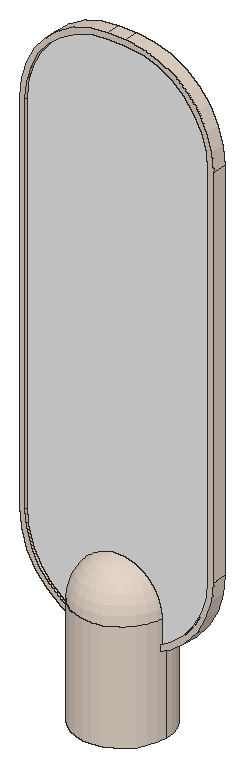
Revit family "espelho", category Modelos genéricos, Revit 2021
Family settings
  Pode hospedar o vergalhão = Não
  Cota do conector redondo = Utilizar diâmetro
  Tipo de parte = Normal
  Com base no plano de trabalho = Não
  Sempre na vertical = Não
  Corte com vazios quando carregada = Não
  Compartilhado = Não
  Ponto de cálculo do ambiente = Não
Reference planes
  plane 1: y = 0
  plane 2: z = 0
  plane 3: x = 0
Forms (mm)
  Extrusion 1, solid, material ".LR_MADEIRA"
    sketch origin (-275, 25.504, 1945.723) x (0, 0, -1) y (1, 0, 0)
      loop
        arc (195.723, 250) -> (268.946, 73.223) -> (445.723, 0) r 250
        line (445.723, 0) -> (1488.227, 0)
        arc (1488.227, 0) -> (1610.701, 32.055) -> (1701.768, 120) r 250
        arc (1701.768, 120) -> (1728.94, 182.492) -> (1738.227, 250) r 250
        line (1738.227, 250) -> (1738.227, 300)
        arc (1738.227, 300) -> (1728.94, 367.508) -> (1701.768, 430) r 250
        arc (1701.768, 430) -> (1610.701, 517.945) -> (1488.227, 550) r 250
        line (1488.227, 550) -> (445.723, 550)
        arc (445.723, 550) -> (268.946, 476.777) -> (195.723, 300) r 250
        line (195.723, 300) -> (195.723, 250)
      loop
        arc (210.723, 250) -> (279.553, 83.83) -> (445.723, 15) r 235
        line (445.723, 15) -> (1488.227, 15)
        arc (1488.227, 15) -> (1599.331, 42.923) -> (1684.032, 120.057) r 235
        arc (1684.032, 120.057) -> (1713.215, 182.137) -> (1723.227, 250) r 235
        line (1723.227, 250) -> (1723.227, 300)
        arc (1723.227, 300) -> (1713.215, 367.863) -> (1684.032, 429.943) r 235
        arc (1684.032, 429.943) -> (1599.331, 507.077) -> (1488.227, 535) r 235
        line (1488.227, 535) -> (445.723, 535)
        arc (445.723, 535) -> (279.553, 466.17) -> (210.723, 300) r 235
        line (210.723, 300) -> (210.723, 250)
    from -20 to 20
  Extrusion 2, solid, material "_MDF BRANCO"
    sketch origin (-275, 3.004, 1945.723) x (0, 0, -1) y (1, 0, 0)
      loop
        line (445.723, 15) -> (1488.227, 15)
        arc (1488.227, 15) -> (1599.331, 42.923) -> (1684.032, 120.057) r 235
        arc (1684.032, 120.057) -> (1713.215, 182.137) -> (1723.227, 250) r 235
        line (1723.227, 250) -> (1723.227, 300)
        arc (1723.227, 300) -> (1713.215, 367.863) -> (1684.032, 429.943) r 235
        arc (1684.032, 429.943) -> (1599.331, 507.077) -> (1488.227, 535) r 235
        line (1488.227, 535) -> (445.723, 535)
        arc (445.723, 535) -> (279.553, 466.17) -> (210.723, 300) r 235
        line (210.723, 300) -> (210.723, 250)
        arc (210.723, 250) -> (279.553, 83.83) -> (445.723, 15) r 235
    from -36.641 to -8.359
  Revolve 3, solid, material ".LR_MADEIRA"
    sketch origin (210, 25.821, 1257.496) x (0, 0, -1) y (-1, 0, 0)
      loop
        line (1257.496, 210) -> (1257.496, 335) -> (414.526, 335)
        arc (414.526, 335) -> (326.138, 298.388) -> (289.526, 210) r 125
        line (289.526, 210) -> (1257.496, 210)
      axis (1257.496, 210) -> (289.526, 210)
    angle from 0 to 360
  Revolve 4, solid, material ".LR_MADEIRA"
    sketch origin (210, 25.818, 1278.016) x (0, 0, 1) y (-1, 0, 0)
      loop
        line (-969.753, 210) -> (-969.753, 85)
        arc (-969.753, 85) -> (-881.364, 121.612) -> (-844.753, 210) r 125
        line (-844.753, 210) -> (-969.753, 210)
      axis (-969.753, 210) -> (-844.753, 210)
    angle from 0 to 360
  Extrusion 5, void
    sketch origin (-275, 49.179, 1945.723) x (0, 0, 1) y (1, 0, 0)
      loop
        line (-1637.46, 103.263) -> (-907.437, 103.263) -> (-907.437, 438.263) -> (-1637.46, 438.263) -> (-1637.46, 103.263)
    from 0 to -200
Cuts and joins
  Extrusion 5 cuts Revolve 3
Dimensions and locks
  Revolve 3 sketch curve to Revolve 3 sketch curve = 125 mm
